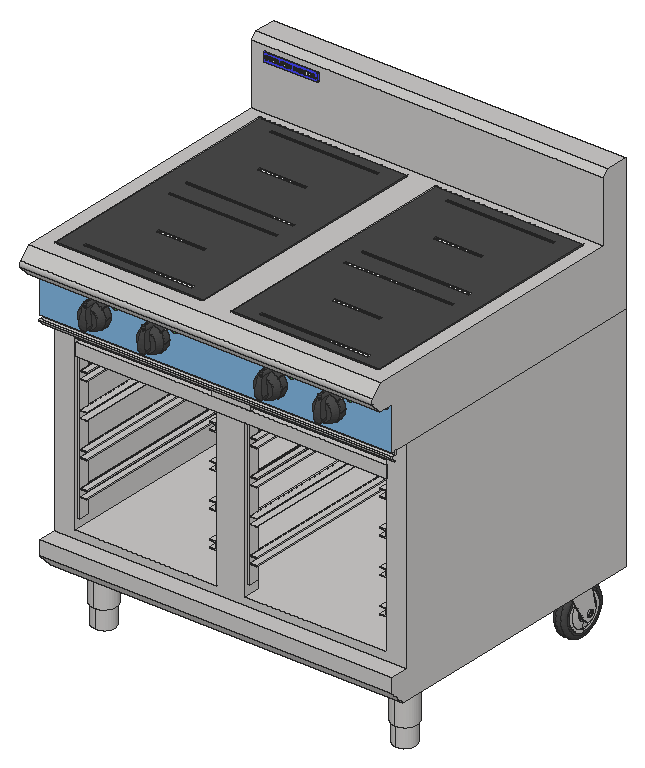
Revit family "QF_Moffat_IN514R3-CB_Induction_Cooktop_cat", category Specialty Equipment, Revit 2019
Family settings
  Round Connector Dimension = Use Diameter
  Part Type = Normal
  Work Plane-Based = No
  Always vertical = Yes
  Cut with Voids When Loaded = No
  Shared = No
  Room Calculation Point = No
Parameters (values of type "IN514R3-CB_415/60/3")
  Weight in Kilograms = 105
  Watts = 8300 W
  Volts = 415 V
  URL Cutsheet = ""
  Specification by User = ""
  Specification by Manufacturer = ""
  Show Logo [instance] = yes
  Show Legs [instance] = not(Show Castors)  # no
  Show Castors [instance] = yes
  Serial Number = ""
  Seismic Rating = ""
  SMACNA No = ""
  Revision Code = ""
  Phase = 3
  Number of Poles = 1
  NAFEM Spec ID Number = ""
  Model = "IN514R3-CB"
  Min Ckt Ampacity = 0 A
  Max Overcurrent Protection = 0 A
  Masterspec = ""
  Manufacturer = "Moffat"
  Length = 900 mm
  Item Number = ""
  Installed By = ""
  Identify Quantity as Lot = yes
  Height = 1085 mm
  HP = ""
  Furnished By = ""
  Foodservice Equipment Identifier = yes
  FL Amps = 20 A
  Electrical Remarks = ""
  Electric Connection Type = ""
  Elec Conn RI Height = 0 mm
  Elec Conn Connection Height = 0 mm
  Description = "Induction Cooktop"
  Depth = 812.2 mm
  Cycle = 60 Hz
  Conn Plug = ""
  Conn Conduit = yes
  CSI MasterFormat = ""
  Apparent Power = if(Phase = 3, Volts * FL Amps * 1.73, Volts * FL Amps)  # 14359 VA
Reference planes
  plane 1 "BACK": y = 0
  plane 2: z = 0
  plane 3 "LEFT": x = 0
  plane 4 "RIGHT": x = 900
  plane 5 "FRONT": y = -812.2
  plane 6 "TOP": z = 1085
  plane 7 "Center Y": x = 450
  plane 8 "Center X": y = -406.1
  plane 9: x = 65.5
  plane 10: x = 834.5
  plane 11: y = -30
  plane 12: x = 770
  plane 13: z = 635
  plane 14: y = -100
  plane 15: y = -625
  plane 16: z = 150
Forms (mm)
  Extrusion 1, solid, material "QF_Metal_Stainless_Polished"
    sketch origin (0, 0, 560) x (0, 1, 0) y (0, 0, 1)
      loop
        line (0, 180) -> (0, 525) -> (-57, 525) -> (-70, 512) -> (-70, 354.5) -> (-784.171, 354.5) -> (-808.685, 329.985)
        arc (-808.685, 329.985) -> (-812.2, 321.5) -> (-808.685, 313.015) r 12
        line (-808.685, 313.015) -> (-785.171, 289.5) -> (-749, 289.5) -> (-749, 180) -> (0, 180)
    from 0 to 900
  Extrusion 2, void
    sketch origin (0, -784.171, 914.5) x (0, 1, 0) y (-1, 0, 0)
      loop
        arc (44.671, -33.5) -> (40.428, -35.257) -> (38.671, -39.5) r 6
        line (38.671, -39.5) -> (38.671, -410.5)
        arc (38.671, -410.5) -> (40.428, -414.743) -> (44.671, -416.5) r 6
        line (44.671, -416.5) -> (690.671, -416.5)
        arc (690.671, -416.5) -> (694.913, -414.743) -> (696.671, -410.5) r 6
        line (696.671, -410.5) -> (696.671, -39.5)
        arc (696.671, -39.5) -> (694.913, -35.257) -> (690.671, -33.5) r 6
        line (690.671, -33.5) -> (44.671, -33.5)
      loop
        arc (44.671, -483.5) -> (40.428, -485.257) -> (38.671, -489.5) r 6
        line (38.671, -489.5) -> (38.671, -860.5)
        arc (38.671, -860.5) -> (40.428, -864.743) -> (44.671, -866.5) r 6
        line (44.671, -866.5) -> (690.671, -866.5)
        arc (690.671, -866.5) -> (694.913, -864.743) -> (696.671, -860.5) r 6
        line (696.671, -860.5) -> (696.671, -489.5)
        arc (696.671, -489.5) -> (694.913, -485.257) -> (690.671, -483.5) r 6
        line (690.671, -483.5) -> (44.671, -483.5)
    from 0 to -9.5
  Extrusion 3, solid, material "QF_Plastic_White_Smooth"
    sketch origin (0, -784.171, 905) x (0, 1, 0) y (-1, 0, 0)
      loop
        line (660.921, -362.5) -> (666.921, -362.5) -> (666.921, -87.5) -> (660.921, -87.5) -> (660.921, -362.5)
      loop
        line (526.421, -285) -> (532.421, -285) -> (532.421, -165) -> (526.421, -165) -> (526.421, -285)
      loop
        line (397.921, -87.5) -> (391.921, -87.5) -> (391.921, -362.5) -> (397.921, -362.5) -> (397.921, -87.5)
      loop
        line (337.421, -362.5) -> (343.421, -362.5) -> (343.421, -87.5) -> (337.421, -87.5) -> (337.421, -362.5)
      loop
        line (208.921, -165) -> (202.921, -165) -> (202.921, -285) -> (208.921, -285) -> (208.921, -165)
      loop
        line (68.421, -362.5) -> (74.421, -362.5) -> (74.421, -87.5) -> (68.421, -87.5) -> (68.421, -362.5)
      loop
        line (68.421, -812.5) -> (74.421, -812.5) -> (74.421, -537.5) -> (68.421, -537.5) -> (68.421, -812.5)
      loop
        line (202.921, -735) -> (208.921, -735) -> (208.921, -615) -> (202.921, -615) -> (202.921, -735)
      loop
        line (337.421, -812.5) -> (343.421, -812.5) -> (343.421, -537.5) -> (337.421, -537.5) -> (337.421, -812.5)
      loop
        line (391.921, -812.5) -> (397.921, -812.5) -> (397.921, -537.5) -> (391.921, -537.5) -> (391.921, -812.5)
      loop
        line (526.421, -735) -> (532.421, -735) -> (532.421, -615) -> (526.421, -615) -> (526.421, -735)
      loop
        line (660.921, -812.5) -> (666.921, -812.5) -> (666.921, -537.5) -> (660.921, -537.5) -> (660.921, -812.5)
    from 0 to 9.5
  Extrusion 4, solid, material "QF_Plastic_Black_Smooth"
    sketch origin (0, -784.171, 914.5) x (0, 1, 0) y (-1, 0, 0)
      loop
        line (692.671, -410.5) -> (692.671, -39.5)
        arc (692.671, -39.5) -> (692.085, -38.086) -> (690.671, -37.5) r 2
        line (690.671, -37.5) -> (44.671, -37.5)
        arc (44.671, -37.5) -> (43.256, -38.086) -> (42.671, -39.5) r 2
        line (42.671, -39.5) -> (42.671, -410.5)
        arc (42.671, -410.5) -> (43.256, -411.914) -> (44.671, -412.5) r 2
        line (44.671, -412.5) -> (690.671, -412.5)
        arc (690.671, -412.5) -> (692.085, -411.914) -> (692.671, -410.5) r 2
      loop
        line (692.671, -860.5) -> (692.671, -489.5)
        arc (692.671, -489.5) -> (692.085, -488.086) -> (690.671, -487.5) r 2
        line (690.671, -487.5) -> (44.671, -487.5)
        arc (44.671, -487.5) -> (43.256, -488.086) -> (42.671, -489.5) r 2
        line (42.671, -489.5) -> (42.671, -860.5)
        arc (42.671, -860.5) -> (43.256, -861.914) -> (44.671, -862.5) r 2
        line (44.671, -862.5) -> (690.671, -862.5)
        arc (690.671, -862.5) -> (692.085, -861.914) -> (692.671, -860.5) r 2
      loop
        line (660.921, -87.5) -> (660.921, -362.5) -> (666.921, -362.5) -> (666.921, -87.5) -> (660.921, -87.5)
      loop
        line (526.421, -165) -> (526.421, -285) -> (532.421, -285) -> (532.421, -165) -> (526.421, -165)
      loop
        line (391.921, -87.5) -> (391.921, -362.5) -> (397.921, -362.5) -> (397.921, -87.5) -> (391.921, -87.5)
      loop
        line (337.421, -362.5) -> (343.421, -362.5) -> (343.421, -87.5) -> (337.421, -87.5) -> (337.421, -362.5)
      loop
        line (202.921, -285) -> (208.921, -285) -> (208.921, -165) -> (202.921, -165) -> (202.921, -285)
      loop
        line (74.421, -87.5) -> (68.421, -87.5) -> (68.421, -362.5) -> (74.421, -362.5) -> (74.421, -87.5)
      loop
        line (660.921, -812.5) -> (666.921, -812.5) -> (666.921, -537.5) -> (660.921, -537.5) -> (660.921, -812.5)
      loop
        line (526.421, -735) -> (532.421, -735) -> (532.421, -615) -> (526.421, -615) -> (526.421, -735)
      loop
        line (391.921, -812.5) -> (397.921, -812.5) -> (397.921, -537.5) -> (391.921, -537.5) -> (391.921, -812.5)
      loop
        line (337.421, -537.5) -> (337.421, -812.5) -> (343.421, -812.5) -> (343.421, -537.5) -> (337.421, -537.5)
      loop
        line (202.921, -615) -> (202.921, -735) -> (208.921, -735) -> (208.921, -615) -> (202.921, -615)
      loop
        line (74.421, -812.5) -> (74.421, -537.5) -> (68.421, -537.5) -> (68.421, -812.5) -> (74.421, -812.5)
    from 0 to -9.5
  Extrusion 5, solid, material "QF_Metal_Stainless_Polished"
    sketch origin (0, 0, 600) x (0, 1, 0) y (0, 0, 1)
      loop
        line (-737.8, 140) -> (-737.8, 130) -> (-747.305, 130)
        arc (-747.305, 130) -> (-750.276, 128.015) -> (-749.579, 124.511) r 3.215
        line (-749.579, 124.511) -> (-739.05, 113.982) -> (-737.919, 115.113) -> (-748.447, 125.642)
        arc (-748.447, 125.642) -> (-748.797, 127.403) -> (-747.305, 128.4) r 1.615
        line (-747.305, 128.4) -> (-736.2, 128.4) -> (-736.2, 140) -> (-737.8, 140)
    from 0 to 900
  Extrusion 6, solid, material "QF_Plastic_Black_Smooth"
    sketch origin (0, -749, 741.875) x (0, 0, 1) y (-1, 0, 0)
      loop
        circle (99.343, -13.157) r 5
      loop
        circle (99.343, -886.843) r 5
      loop
        circle (99.343, -150) r 5
      loop
        circle (99.343, -300) r 5
      loop
        circle (99.343, -600) r 5
      loop
        circle (99.343, -750) r 5
    from 0 to 1.6
  Extrusion 7, solid, material "QF_Metal_Stainless_Polished"
    sketch origin (0, -699, 640) x (0, 1, 0) y (1, 0, 0)
      loop
        circle (669, 770) r 6.35
    from 0 to 1.6
  Extrusion 8, solid, material "QF_Metal_Stainless_Polished"
    sketch origin (0, -699, 645) x (1, 0, 0) y (0, -1, 0)
      loop
        line (0, -699) -> (900, -699) -> (900, 0) -> (849.2, 0) -> (849.2, -25.4) -> (50.8, -25.4) -> (50.8, 0) -> (0, 0) -> (0, -699)
    from 5 to -95
  Revolve 9, solid, material "QF_Metal_Stainless_Polished"
    sketch origin (65.5, -4572, 255.2) x (0, 0, -1) y (0, -1, 0)
      loop
        line (255.2, -3974.5) -> (255.2, -3947) -> (105.2, -3947) -> (105.2, -3978.75) -> (205.2, -3978.75) -> (205.2, -3974.5) -> (255.2, -3974.5)
      axis (105.2, -3947) -> (255.2, -3947)
    angle from 0 to 360
  Revolve 10, solid, material "QF_Metal_Stainless_Polished"
    sketch origin (834.5, -4572, 255.2) x (0, 0, -1) y (0, 1, 0)
      loop
        line (255.2, 3974.5) -> (205.2, 3974.5) -> (205.2, 3978.75) -> (105.2, 3978.75) -> (105.2, 3947) -> (255.2, 3947) -> (255.2, 3974.5)
      axis (105.2, 3947) -> (255.2, 3947)
    angle from 0 to 360
  Extrusion 11, solid, material "QF_Metal_Stainless_Polished"
    sketch origin (0, 0, 0) x (0, 1, 0) y (0, 0, 1)
      loop
        line (-50.8, 150) -> (-50.8, 242.5) -> (-699, 242.5) -> (-699, 222.5) -> (-747.95, 222.5) -> (-747.95, 186) -> (-711.95, 150) -> (-50.8, 150)
    from 0 to 900
  Extrusion 12, solid, material "QF_Metal_Stainless_Polished"
    sketch origin (-6096, 120, 150) x (0, 1, 0) y (-1, 0, 0)
      loop
        line (-120, -6096) -> (-819, -6096) -> (-819, -6146.8) -> (-170.8, -6146.8) -> (-170.8, -6510.5) -> (-196.2, -6510.5) -> (-196.2, -6581.5) -> (-170.8, -6581.5) -> (-170.8, -6945.2) -> (-819, -6945.2) -> (-819, -6996) -> (-120, -6996) -> (-120, -6096)
      loop
        line (-778.9, -6510.5) -> (-819, -6510.5) -> (-819, -6581.5) -> (-778.9, -6581.5) -> (-778.9, -6510.5)
    from 0 to 490
  Extrusion 13, solid, material "QF_Metal_Stainless_Polished"
    sketch origin (50.8, -50.8, 460) x (0, 0, 1) y (1, 0, 0)
      loop
        line (127.5, 25.4) -> (127.5, 6.4) -> (147.5, 6.4) -> (147.5, 25.4) -> (145.9, 25.4) -> (145.9, 8) -> (129.1, 8) -> (129.1, 25.4) -> (127.5, 25.4)
      loop
        line (37.5, 25.4) -> (37.5, 6.4) -> (57.5, 6.4) -> (57.5, 25.4) -> (55.9, 25.4) -> (55.9, 8) -> (39.1, 8) -> (39.1, 25.4) -> (37.5, 25.4)
      loop
        line (-52.5, 25.4) -> (-52.5, 6.4) -> (-32.5, 6.4) -> (-32.5, 25.4) -> (-34.1, 25.4) -> (-34.1, 8) -> (-50.9, 8) -> (-50.9, 25.4) -> (-52.5, 25.4)
      loop
        line (-142.5, 25.4) -> (-142.5, 6.4) -> (-122.5, 6.4) -> (-122.5, 25.4) -> (-124.1, 25.4) -> (-124.1, 8) -> (-140.9, 8) -> (-140.9, 25.4) -> (-142.5, 25.4)
    from 0 to -641.85
  Extrusion 14, solid, material "QF_Metal_Stainless_Polished"
    sketch origin (50.8, 44.437, 150) x (0, 1, 0) y (0, 0, 1)
      loop
        line (-95.237, 488.4) -> (-120.637, 488.4) -> (-120.637, 117.5) -> (-95.237, 117.5) -> (-95.237, 488.4)
      loop
        line (-709.687, 117.5) -> (-709.687, 490) -> (-737.087, 490) -> (-737.087, 117.5) -> (-709.687, 117.5)
    from 0 to 6.4
  Extrusion 15, solid, material "QF_Metal_Stainless_Polished"
    sketch origin (66.1, -50.8, 460) x (0, 0, 1) y (1, 0, 0)
      loop
        line (127.5, 323) -> (129.1, 323) -> (129.1, 340.4) -> (145.9, 340.4) -> (145.9, 323) -> (147.5, 323) -> (147.5, 342) -> (127.5, 342) -> (127.5, 323)
      loop
        line (37.5, 323) -> (39.1, 323) -> (39.1, 340.4) -> (55.9, 340.4) -> (55.9, 323) -> (57.5, 323) -> (57.5, 342) -> (37.5, 342) -> (37.5, 323)
      loop
        line (-52.5, 323) -> (-50.9, 323) -> (-50.9, 340.4) -> (-34.1, 340.4) -> (-34.1, 323) -> (-32.5, 323) -> (-32.5, 342) -> (-52.5, 342) -> (-52.5, 323)
      loop
        line (-142.5, 323) -> (-140.9, 323) -> (-140.9, 340.4) -> (-124.1, 340.4) -> (-124.1, 323) -> (-122.5, 323) -> (-122.5, 342) -> (-142.5, 342) -> (-142.5, 323)
    from 0 to -641.85
  Extrusion 16, solid, material "QF_Metal_Stainless_Polished"
    sketch origin (414.5, 44.437, 150) x (0, 1, 0) y (0, 0, -1)
      loop
        line (-95.237, -488.4) -> (-95.237, -117.5) -> (-120.637, -117.5) -> (-120.637, -488.4) -> (-95.237, -488.4)
      loop
        line (-709.687, -117.5) -> (-737.087, -117.5) -> (-737.087, -490) -> (-709.687, -490) -> (-709.687, -117.5)
    from 0 to 6.4
  Revolve 17, solid, material "QF_Metal_Stainless_Polished", visible <- "Show Legs"
    sketch origin (65.5, -4047, 255.2) x (0, 0, -1) y (0, -1, 0)
      loop
        line (255.2, -3974.5) -> (255.2, -3947) -> (105.2, -3947) -> (105.2, -3978.75) -> (205.2, -3978.75) -> (205.2, -3974.5) -> (255.2, -3974.5)
      axis (105.2, -3947) -> (255.2, -3947)
    angle from 0 to 360
  Revolve 18, solid, material "QF_Metal_Stainless_Polished", visible <- "Show Legs"
    sketch origin (834.5, -4047, 255.2) x (0, 0, -1) y (0, 1, 0)
      loop
        line (255.2, 3974.5) -> (205.2, 3974.5) -> (205.2, 3978.75) -> (105.2, 3978.75) -> (105.2, 3947) -> (255.2, 3947) -> (255.2, 3974.5)
      axis (105.2, 3947) -> (255.2, 3947)
    angle from 0 to 360
  Extrusion 19, solid, material "QF_Paint_Green"
    sketch origin (-87.5, -749, 742.2) x (0, 0, 1) y (-1, 0, 0)
      loop
        circle (84.8, -282.5) r 7.15
    from 0 to 1.6
  Extrusion 20, solid, material "QF_Metal_Stainless_Polished"
    sketch origin (849.2, -673.6, 645) x (-1, 0, 0) y (0, 0, -1)
      loop
        line (0, -27.7) -> (798.4, -27.7) -> (798.4, 5) -> (0, 5) -> (0, -27.7)
      loop
        line (450, -61.4) -> (798.4, -61.4) -> (798.4, -37.7) -> (450, -37.7) -> (450, -61.4)
      loop
        line (798.4, -62.4) -> (0, -62.4) -> (0, -95) -> (798.4, -95) -> (798.4, -62.4)
      loop
        line (348.4, -61.4) -> (348.4, -37.7) -> (0, -37.7) -> (0, -61.4) -> (348.4, -61.4)
    from 0 to 25.4
  Extrusion 21, solid, material "QF_Metal_Stainless_Polished"
    sketch origin (849.2, -673.6, 645) x (1, 0, 0) y (0, 0, -1)
      loop
        line (-348.4, -62.4) -> (-348.4, -27.7) -> (-450, -27.7) -> (-450, -62.4) -> (-348.4, -62.4)
    from 0 to -25.4
  Extrusion 22, solid, material "QF_Metal_Stainless_Polished"
    sketch origin (833.9, -50.8, 460) x (0, 0, 1) y (1, 0, 0)
      loop
        line (127.5, -323) -> (127.5, -342) -> (147.5, -342) -> (147.5, -323) -> (145.9, -323) -> (145.9, -340.4) -> (129.1, -340.4) -> (129.1, -323) -> (127.5, -323)
      loop
        line (37.5, -323) -> (37.5, -342) -> (57.5, -342) -> (57.5, -323) -> (55.9, -323) -> (55.9, -340.4) -> (39.1, -340.4) -> (39.1, -323) -> (37.5, -323)
      loop
        line (-52.5, -323) -> (-52.5, -342) -> (-32.5, -342) -> (-32.5, -323) -> (-34.1, -323) -> (-34.1, -340.4) -> (-50.9, -340.4) -> (-50.9, -323) -> (-52.5, -323)
      loop
        line (-142.5, -323) -> (-142.5, -342) -> (-122.5, -342) -> (-122.5, -323) -> (-124.1, -323) -> (-124.1, -340.4) -> (-140.9, -340.4) -> (-140.9, -323) -> (-142.5, -323)
    from 0 to -641.85
  Extrusion 23, solid, material "QF_Metal_Stainless_Polished"
    sketch origin (485.5, 44.437, 150) x (0, 1, 0) y (0, 0, 1)
      loop
        line (-95.237, 488.4) -> (-120.637, 488.4) -> (-120.637, 117.5) -> (-95.237, 117.5) -> (-95.237, 488.4)
      loop
        line (-709.687, 117.5) -> (-709.687, 490) -> (-737.087, 490) -> (-737.087, 117.5) -> (-709.687, 117.5)
    from 0 to 6.4
  Extrusion 24, solid, material "QF_Metal_Stainless_Polished"
    sketch origin (849.2, -50.8, 460) x (0, 0, 1) y (1, 0, 0)
      loop
        line (127.5, -25.4) -> (129.1, -25.4) -> (129.1, -8) -> (145.9, -8) -> (145.9, -25.4) -> (147.5, -25.4) -> (147.5, -6.4) -> (127.5, -6.4) -> (127.5, -25.4)
      loop
        line (37.5, -25.4) -> (39.1, -25.4) -> (39.1, -8) -> (55.9, -8) -> (55.9, -25.4) -> (57.5, -25.4) -> (57.5, -6.4) -> (37.5, -6.4) -> (37.5, -25.4)
      loop
        line (-52.5, -25.4) -> (-50.9, -25.4) -> (-50.9, -8) -> (-34.1, -8) -> (-34.1, -25.4) -> (-32.5, -25.4) -> (-32.5, -6.4) -> (-52.5, -6.4) -> (-52.5, -25.4)
      loop
        line (-142.5, -25.4) -> (-140.9, -25.4) -> (-140.9, -8) -> (-124.1, -8) -> (-124.1, -25.4) -> (-122.5, -25.4) -> (-122.5, -6.4) -> (-142.5, -6.4) -> (-142.5, -25.4)
    from 0 to -641.85
  Extrusion 25, solid, material "QF_Metal_Stainless_Polished"
    sketch origin (849.2, 44.437, 150) x (0, 1, 0) y (0, 0, -1)
      loop
        line (-95.237, -488.4) -> (-95.237, -117.5) -> (-120.637, -117.5) -> (-120.637, -488.4) -> (-95.237, -488.4)
      loop
        line (-709.687, -117.5) -> (-737.087, -117.5) -> (-737.087, -490) -> (-709.687, -490) -> (-709.687, -117.5)
    from 0 to 6.4
  Extrusion 26, solid, material "QF_Paint_Green"
    sketch origin (62.5, -749, 742.2) x (0, 0, 1) y (-1, 0, 0)
      loop
        circle (84.8, -282.5) r 7.15
    from 0 to 1.6
  Extrusion 27, solid, material "QF_Paint_Green"
    sketch origin (362.5, -749, 742.2) x (0, 0, 1) y (-1, 0, 0)
      loop
        circle (84.8, -282.5) r 7.15
    from 0 to 1.6
  Extrusion 28, solid, material "QF_Paint_Green"
    sketch origin (512.5, -749, 742.2) x (0, 0, 1) y (-1, 0, 0)
      loop
        circle (84.8, -282.5) r 7.15
    from 0 to 1.6
Cuts and joins
  Extrusion 2 cuts Extrusion 1
  joined: Revolve 9, Revolve 10
  joined: Extrusion 8, Extrusion 11, Extrusion 12
Lines and regions (mm)
  symbolic lines
    curve 1: line (0, 0, 0) -> (900, 0, 0)
    curve 2: line (0, -812.2, 0) -> (0, 0, 0)
    curve 3: line (900, -812.2, 0) -> (0, -812.2, 0)
    curve 4: line (900, 0, 0) -> (900, -812.2, 0)
    curve 5: line (0, -57, 0) -> (900, -57, 0)
    curve 6: line (0, -70, 0) -> (900, -70, 0)
    curve 7: line (0, -784.171, 0) -> (900, -784.171, 0)
    curve 8: line (39.5, -87.5, 0) -> (410.5, -87.5, 0)
    curve 9: arc (410.5, -87.5, 0) -> (414.743, -89.257, 0) -> (416.5, -93.5, 0) r 6
    curve 10: line (416.5, -93.5, 0) -> (416.5, -739.5, 0)
    curve 11: arc (416.5, -739.5, 0) -> (414.743, -743.743, 0) -> (410.5, -745.5, 0) r 6
    curve 12: line (410.5, -745.5, 0) -> (39.5, -745.5, 0)
    curve 13: arc (39.5, -745.5, 0) -> (35.257, -743.743, 0) -> (33.5, -739.5, 0) r 6
    curve 14: line (33.5, -739.5, 0) -> (33.5, -93.5, 0)
    curve 15: arc (33.5, -93.5, 0) -> (35.257, -89.257, 0) -> (39.5, -87.5, 0) r 6
    curve 16: line (410.5, -91.5, 0) -> (39.5, -91.5, 0)
    curve 17: arc (39.5, -91.5, 0) -> (38.086, -92.086, 0) -> (37.5, -93.5, 0) r 2
    curve 18: line (37.5, -93.5, 0) -> (37.5, -739.5, 0)
    curve 19: arc (37.5, -739.5, 0) -> (38.086, -740.914, 0) -> (39.5, -741.5, 0) r 2
    curve 20: line (39.5, -741.5, 0) -> (410.5, -741.5, 0)
    curve 21: arc (410.5, -741.5, 0) -> (411.914, -740.914, 0) -> (412.5, -739.5, 0) r 2
    curve 22: line (412.5, -739.5, 0) -> (412.5, -93.5, 0)
    curve 23: arc (412.5, -93.5, 0) -> (411.914, -92.086, 0) -> (410.5, -91.5, 0) r 2
    curve 24: line (87.5, -117.25, 0) -> (362.5, -117.25, 0)
    curve 25: line (362.5, -117.25, 0) -> (362.5, -123.25, 0)
    curve 26: line (362.5, -123.25, 0) -> (87.5, -123.25, 0)
    curve 27: line (87.5, -123.25, 0) -> (87.5, -117.25, 0)
    curve 28: line (285, -257.75, 0) -> (165, -257.75, 0)
    curve 29: line (165, -257.75, 0) -> (165, -251.75, 0)
    curve 30: line (165, -251.75, 0) -> (285, -251.75, 0)
    curve 31: line (285, -251.75, 0) -> (285, -257.75, 0)
    curve 32: line (362.5, -392.25, 0) -> (87.5, -392.25, 0)
    curve 33: line (87.5, -392.25, 0) -> (87.5, -386.25, 0)
    curve 34: line (87.5, -386.25, 0) -> (362.5, -386.25, 0)
    curve 35: line (362.5, -386.25, 0) -> (362.5, -392.25, 0)
    curve 36: line (362.5, -446.75, 0) -> (87.5, -446.75, 0)
    curve 37: line (87.5, -446.75, 0) -> (87.5, -440.75, 0)
    curve 38: line (87.5, -440.75, 0) -> (362.5, -440.75, 0)
    curve 39: line (362.5, -440.75, 0) -> (362.5, -446.75, 0)
    curve 40: line (285, -581.25, 0) -> (165, -581.25, 0)
    curve 41: line (165, -581.25, 0) -> (165, -575.25, 0)
    curve 42: line (165, -575.25, 0) -> (285, -575.25, 0)
    curve 43: line (285, -575.25, 0) -> (285, -581.25, 0)
    curve 44: line (362.5, -715.75, 0) -> (87.5, -715.75, 0)
    curve 45: line (87.5, -715.75, 0) -> (87.5, -709.75, 0)
    curve 46: line (87.5, -709.75, 0) -> (362.5, -709.75, 0)
    curve 47: line (362.5, -709.75, 0) -> (362.5, -715.75, 0)
    curve 48: line (860.5, -745.5, 0) -> (489.5, -745.5, 0)
    curve 49: arc (489.5, -745.5, 0) -> (485.257, -743.743, 0) -> (483.5, -739.5, 0) r 6
    curve 50: line (483.5, -739.5, 0) -> (483.5, -93.5, 0)
    curve 51: arc (483.5, -93.5, 0) -> (485.257, -89.257, 0) -> (489.5, -87.5, 0) r 6
    curve 52: line (489.5, -87.5, 0) -> (860.5, -87.5, 0)
    curve 53: arc (860.5, -87.5, 0) -> (864.743, -89.257, 0) -> (866.5, -93.5, 0) r 6
    curve 54: line (866.5, -93.5, 0) -> (866.5, -739.5, 0)
    curve 55: arc (866.5, -739.5, 0) -> (864.743, -743.743, 0) -> (860.5, -745.5, 0) r 6
    curve 56: line (489.5, -741.5, 0) -> (860.5, -741.5, 0)
    curve 57: arc (860.5, -741.5, 0) -> (861.914, -740.914, 0) -> (862.5, -739.5, 0) r 2
    curve 58: line (862.5, -739.5, 0) -> (862.5, -93.5, 0)
    curve 59: arc (862.5, -93.5, 0) -> (861.914, -92.086, 0) -> (860.5, -91.5, 0) r 2
    curve 60: line (860.5, -91.5, 0) -> (489.5, -91.5, 0)
    curve 61: arc (489.5, -91.5, 0) -> (488.086, -92.086, 0) -> (487.5, -93.5, 0) r 2
    curve 62: line (487.5, -93.5, 0) -> (487.5, -739.5, 0)
    curve 63: arc (487.5, -739.5, 0) -> (488.086, -740.914, 0) -> (489.5, -741.5, 0) r 2
    curve 64: line (812.5, -715.75, 0) -> (537.5, -715.75, 0)
    curve 65: line (537.5, -715.75, 0) -> (537.5, -709.75, 0)
    curve 66: line (537.5, -709.75, 0) -> (812.5, -709.75, 0)
    curve 67: line (812.5, -709.75, 0) -> (812.5, -715.75, 0)
    curve 68: line (735, -581.25, 0) -> (615, -581.25, 0)
    curve 69: line (615, -581.25, 0) -> (615, -575.25, 0)
    curve 70: line (615, -575.25, 0) -> (735, -575.25, 0)
    curve 71: line (735, -575.25, 0) -> (735, -581.25, 0)
    curve 72: line (812.5, -446.75, 0) -> (537.5, -446.75, 0)
    curve 73: line (537.5, -446.75, 0) -> (537.5, -440.75, 0)
    curve 74: line (537.5, -440.75, 0) -> (812.5, -440.75, 0)
    curve 75: line (812.5, -440.75, 0) -> (812.5, -446.75, 0)
    curve 76: line (812.5, -392.25, 0) -> (537.5, -392.25, 0)
    curve 77: line (537.5, -392.25, 0) -> (537.5, -386.25, 0)
    curve 78: line (537.5, -386.25, 0) -> (812.5, -386.25, 0)
    curve 79: line (812.5, -386.25, 0) -> (812.5, -392.25, 0)
    curve 80: line (735, -257.75, 0) -> (615, -257.75, 0)
    curve 81: line (615, -257.75, 0) -> (615, -251.75, 0)
    curve 82: line (615, -251.75, 0) -> (735, -251.75, 0)
    curve 83: line (735, -251.75, 0) -> (735, -257.75, 0)
    curve 84: line (812.5, -123.25, 0) -> (537.5, -123.25, 0)
    curve 85: line (537.5, -123.25, 0) -> (537.5, -117.25, 0)
    curve 86: line (537.5, -117.25, 0) -> (812.5, -117.25, 0)
    curve 87: line (812.5, -117.25, 0) -> (812.5, -123.25, 0)
Dimensions and locks
  equal spacing: plane 3 "LEFT", plane 7 "Center Y", plane 4 "RIGHT"
  "Length": plane 3 "LEFT" to plane 4 "RIGHT"
  equal spacing: plane 5 "FRONT", plane 8 "Center X", plane 1 "BACK"
  "Depth": plane 5 "FRONT" to plane 1 "BACK"
  "Height": plane 6 "TOP" to level
  plane 9 to plane 10 = 769 mm
  plane 4 "RIGHT" to plane 3 "LEFT" = 900 mm
  plane 1 "BACK" to cut or joined group of Extrusion 1, Extrusion 2 = 70 mm
  plane 1 "BACK" to plane 5 "FRONT" = 812.2 mm
  plane 6 "TOP" to plane 2 = 1085 mm
  cut or joined group of Extrusion 1, Extrusion 2 to plane 2 = 914.5 mm
  locked: plane 12 to plane 4 "RIGHT" at 130
  plane 1 "BACK" to plane 11 = 30 mm
  plane 1 "BACK" to plane 14 to plane 15 = 100 mm, 525 mm
  plane 2 to plane 13 = 635 mm
  plane 16 to plane 2 = 150 mm
  aligned and locked: level to plane 2
Automatic sketch dimensions
  Extrusion 1 sketch curve to plane 6 "TOP" = 0 mm
  Extrusion 1 sketch curve to plane 1 "BACK" = 0 mm
  plane 11 to Extrusion 1 sketch curve = 27 mm
  Extrusion 1 sketch curve to plane 6 "TOP" = 13 mm
  Extrusion 1 sketch curve to Extrusion 1 sketch curve = 13 mm
  Extrusion 1 sketch curve to plane 5 "FRONT" = 63.2 mm
  Extrusion 1 sketch curve to plane 5 "FRONT" = 28.029 mm
  Extrusion 1 sketch curve to plane 5 "FRONT" = 27.029 mm
  Extrusion 1 sketch curve to plane 5 "FRONT" = 12 mm
  Extrusion 1 sketch curve to plane 5 "FRONT" = 3.515 mm  (x2)
  Extrusion 1 sketch curve to plane 6 "TOP" = 170.5 mm
  Extrusion 1 sketch curve to Extrusion 1 sketch curve = 24.515 mm
  Extrusion 1 sketch curve to Extrusion 1 sketch curve = 8.485 mm
  Extrusion 1 sketch curve to Extrusion 1 sketch curve = 32 mm
  Extrusion 1 sketch curve to plane 13 = 105 mm
  Extrusion 5 sketch curve to Extrusion 5 sketch curve = 0 mm  (x2)
  Extrusion 5 sketch curve to plane 5 "FRONT" = 62.621 mm
  Extrusion 5 sketch curve to Extrusion 5 sketch curve = 1.131 mm  (x3)
  Extrusion 5 sketch curve to Extrusion 5 sketch curve = 1.142 mm  (x2)
  Extrusion 5 sketch curve to Extrusion 5 sketch curve = 10.529 mm
  Extrusion 5 sketch curve to Extrusion 5 sketch curve = 9.505 mm
  Extrusion 5 sketch curve to Extrusion 5 sketch curve = 1.6 mm
  Extrusion 5 sketch curve to plane 13 = 78.982 mm
  Extrusion 5 sketch curve to Extrusion 5 sketch curve = 10 mm
  Extrusion 8 to Extrusion 7 sketch curve = 30 mm
  Extrusion 7 sketch curve to Extrusion 8 = 79.2 mm
  plane 1 "BACK" to Extrusion 8 sketch curve = 0 mm
  Extrusion 8 sketch curve to plane 3 "LEFT" = 0 mm
  Extrusion 8 sketch curve to plane 4 "RIGHT" = 0 mm
  plane 9 to Extrusion 8 sketch curve = 14.7 mm
  Extrusion 8 sketch curve to plane 10 = 14.7 mm
  plane 15 to Extrusion 8 sketch curve = 48.6 mm
  Extrusion 8 sketch curve to Extrusion 8 sketch curve = 25.4 mm  (x2)
  Revolve 9 sketch curve to plane 15 = 0 mm  (x2)
  Revolve 9 sketch curve to plane 16 = 0 mm
  Revolve 9 sketch curve to level = 0 mm  (x2)
  level to Revolve 9 sketch curve = 50 mm
  Revolve 9 sketch curve to Revolve 9 sketch curve = 27.5 mm
  Revolve 9 sketch curve to Revolve 9 sketch curve = 31.75 mm
  Revolve 9 sketch curve to Revolve 9 sketch curve = 25 mm
  Revolve 10 sketch curve to plane 15 = 0 mm  (x2)
  Revolve 10 sketch curve to plane 16 = 0 mm
  Revolve 10 sketch curve to level = 0 mm  (x2)
  level to Revolve 10 sketch curve = 50 mm
  Revolve 10 sketch curve to plane 15 = 27.5 mm
  Revolve 10 sketch curve to Revolve 10 sketch curve = 4.25 mm
  Revolve 10 sketch curve to Revolve 10 sketch curve = 25 mm
  Extrusion 11 sketch curve to plane 16 = 0 mm
  Extrusion 11 sketch curve to plane 5 "FRONT" = 64.25 mm
  Extrusion 11 sketch curve to Extrusion 11 sketch curve = 36 mm
  Extrusion 11 sketch curve to Extrusion 11 sketch curve = 48.95 mm
  plane 11 to Extrusion 11 sketch curve = 20.8 mm
  plane 16 to Extrusion 11 sketch curve = 36 mm
  Extrusion 11 sketch curve to Extrusion 11 sketch curve = 36.5 mm
  plane 16 to Extrusion 11 sketch curve = 92.5 mm
  Extrusion 12 sketch curve to plane 3 "LEFT" = 0 mm
  Extrusion 12 sketch curve to plane 4 "RIGHT" = 0 mm
  plane 1 "BACK" to Extrusion 12 sketch curve = 0 mm
  plane 11 to Extrusion 12 sketch curve = 20.8 mm  (x2)
  Extrusion 12 sketch curve to plane 14 = 23.8 mm
  plane 15 to Extrusion 12 sketch curve = 33.9 mm
  Extrusion 12 sketch curve to Extrusion 12 sketch curve = 40.1 mm
  Extrusion 12 sketch curve to plane 10 = 14.7 mm
  plane 15 to Extrusion 12 sketch curve = 74 mm  (x2)
  plane 9 to Extrusion 12 sketch curve = 14.7 mm
  plane 7 "Center Y" to Extrusion 12 sketch curve = 35.5 mm  (x2)
  Extrusion 12 sketch curve to plane 7 "Center Y" = 35.5 mm  (x2)
  Extrusion 14 to Extrusion 13 sketch curve = 0 mm  (x4)
  Extrusion 13 sketch curve to Extrusion 14 = 19 mm  (x4)
  Extrusion 14 to Extrusion 13 sketch curve = 50 mm
  Extrusion 13 sketch curve to Extrusion 13 sketch curve = 1.6 mm  (x8)
  Extrusion 13 sketch curve to Extrusion 14 = 1.6 mm  (x4)
  Extrusion 13 sketch curve to Extrusion 13 sketch curve = 16.8 mm  (x4)
  Extrusion 13 sketch curve to Extrusion 13 sketch curve = 70 mm  (x2)
  Extrusion 13 sketch curve to Extrusion 14 = 50.9 mm
  Extrusion 13 sketch curve to Extrusion 13 sketch curve = 17.4 mm  (x3)
  Extrusion 13 sketch curve to Extrusion 13 sketch curve = 0 mm
  Extrusion 12 to Extrusion 14 sketch curve = 0 mm
  Extrusion 14 sketch curve to Extrusion 12 = 0 mm
  Extrusion 14 sketch curve to Extrusion 12 = 25.4 mm
  Extrusion 12 to Extrusion 14 sketch curve = 33.75 mm
  Extrusion 12 to Extrusion 14 sketch curve = 6.35 mm
  Extrusion 12 to Extrusion 14 sketch curve = 1.6 mm
  Extrusion 12 to Extrusion 14 sketch curve = 117.5 mm  (x2)
  Extrusion 14 to Extrusion 15 sketch curve = 50 mm
  Extrusion 15 sketch curve to Extrusion 15 sketch curve = 1.6 mm  (x12)
  Extrusion 15 sketch curve to Extrusion 15 sketch curve = 16.8 mm  (x4)
  Extrusion 15 sketch curve to Extrusion 15 sketch curve = 70 mm  (x2)
  Extrusion 15 sketch curve to Extrusion 14 = 50.9 mm
  Extrusion 15 sketch curve to Extrusion 14 = 331.9 mm
  Extrusion 15 sketch curve to Extrusion 15 sketch curve = 0 mm  (x7)
  Extrusion 15 sketch curve to Extrusion 15 sketch curve = 17.4 mm  (x4)
  plane 15 to Extrusion 16 sketch curve = 67.65 mm
  Extrusion 16 sketch curve to plane 13 = 5 mm
  Extrusion 16 sketch curve to Extrusion 16 sketch curve = 27.4 mm
  Extrusion 16 sketch curve to plane 13 = 3.4 mm
  Extrusion 16 sketch curve to plane 14 = 23.8 mm
  plane 11 to Extrusion 16 sketch curve = 20.8 mm
  plane 16 to Extrusion 16 sketch curve = 117.5 mm  (x2)
  Revolve 17 sketch curve to plane 14 = 0 mm  (x2)
  Revolve 17 sketch curve to plane 16 = 0 mm
  Revolve 17 sketch curve to level = 0 mm  (x2)
  level to Revolve 17 sketch curve = 50 mm
  Revolve 17 sketch curve to Revolve 17 sketch curve = 27.5 mm
  Revolve 17 sketch curve to Revolve 17 sketch curve = 31.75 mm
  Revolve 17 sketch curve to Revolve 17 sketch curve = 25 mm
  Revolve 18 sketch curve to plane 14 = 0 mm  (x2)
  Revolve 18 sketch curve to plane 16 = 0 mm
  Revolve 18 sketch curve to level = 0 mm  (x2)
  level to Revolve 18 sketch curve = 50 mm
  Revolve 18 sketch curve to plane 14 = 27.5 mm
  Revolve 18 sketch curve to Revolve 18 sketch curve = 4.25 mm
  Revolve 18 sketch curve to Revolve 18 sketch curve = 25 mm
  Extrusion 1 to Extrusion 19 sketch curve = 22.5 mm
  Extrusion 1 to Extrusion 19 sketch curve = 195 mm
  Extrusion 20 sketch curve to Extrusion 8 = 0 mm  (x8)
  Extrusion 8 to Extrusion 20 sketch curve = 42.7 mm
  Extrusion 20 sketch curve to Extrusion 8 = 348.4 mm
  Extrusion 8 to Extrusion 20 sketch curve = 33.6 mm
  Extrusion 20 sketch curve to Extrusion 20 sketch curve = 101.6 mm
  Extrusion 20 sketch curve to Extrusion 20 sketch curve = 1 mm  (x2)
  Extrusion 20 sketch curve to Extrusion 20 sketch curve = 23.7 mm
  Extrusion 20 sketch curve to Extrusion 20 sketch curve = 10 mm
  Extrusion 20 to Extrusion 21 sketch curve = 0 mm
  Extrusion 21 sketch curve to Extrusion 20 = 0 mm  (x3)
  Extrusion 14 to Extrusion 22 sketch curve = 50 mm
  Extrusion 22 sketch curve to Extrusion 22 sketch curve = 1.6 mm  (x12)
  Extrusion 22 sketch curve to Extrusion 22 sketch curve = 16.8 mm  (x4)
  Extrusion 22 sketch curve to Extrusion 22 sketch curve = 70 mm  (x2)
  Extrusion 22 sketch curve to Extrusion 14 = 50.9 mm
  Extrusion 22 sketch curve to Extrusion 14 = 434.7 mm
  Extrusion 22 sketch curve to Extrusion 22 sketch curve = 0 mm  (x4)
  Extrusion 22 sketch curve to Extrusion 22 sketch curve = 17.4 mm  (x7)
  plane 15 to Extrusion 23 sketch curve = 67.65 mm
  Extrusion 23 sketch curve to plane 13 = 5 mm
  Extrusion 23 sketch curve to Extrusion 23 sketch curve = 27.4 mm
  Extrusion 23 sketch curve to plane 13 = 3.4 mm
  Extrusion 23 sketch curve to plane 14 = 23.8 mm
  plane 11 to Extrusion 23 sketch curve = 20.8 mm
  plane 16 to Extrusion 23 sketch curve = 117.5 mm  (x2)
  Extrusion 24 sketch curve to Extrusion 25 = 0 mm  (x4)
  Extrusion 24 sketch curve to Extrusion 25 = 19 mm  (x4)
  Extrusion 25 to Extrusion 24 sketch curve = 50 mm
  Extrusion 24 sketch curve to Extrusion 24 sketch curve = 1.6 mm  (x8)
  Extrusion 24 sketch curve to Extrusion 25 = 1.6 mm  (x4)
  Extrusion 24 sketch curve to Extrusion 24 sketch curve = 16.8 mm  (x4)
  Extrusion 24 sketch curve to Extrusion 24 sketch curve = 70 mm  (x2)
  Extrusion 24 sketch curve to Extrusion 25 = 50.9 mm
  Extrusion 24 sketch curve to Extrusion 24 sketch curve = 0 mm  (x2)
  Extrusion 24 sketch curve to Extrusion 24 sketch curve = 17.4 mm  (x2)
  plane 15 to Extrusion 25 sketch curve = 67.65 mm
  Extrusion 25 sketch curve to plane 13 = 5 mm
  Extrusion 25 sketch curve to Extrusion 25 sketch curve = 27.4 mm
  Extrusion 25 sketch curve to plane 13 = 3.4 mm
  Extrusion 25 sketch curve to plane 14 = 23.8 mm
  plane 11 to Extrusion 25 sketch curve = 20.8 mm
  plane 16 to Extrusion 25 sketch curve = 117.5 mm  (x2)
  Extrusion 1 to Extrusion 26 sketch curve = 22.5 mm
  Extrusion 1 to Extrusion 26 sketch curve = 345 mm
  Extrusion 1 to Extrusion 27 sketch curve = 22.5 mm
  Extrusion 1 to Extrusion 27 sketch curve = 255 mm
  Extrusion 1 to Extrusion 28 sketch curve = 22.5 mm
  Extrusion 1 to Extrusion 28 sketch curve = 105 mm
  curve 3 to plane 3 "LEFT" = 0 mm
  curve 3 to plane 4 "RIGHT" = 0 mm
  plane 5 "FRONT" to curve 3 = 0 mm
  plane 1 "BACK" to curve 2 = 0 mm
  plane 11 to curve 5 = 27 mm
  curve 6 to curve 5 = 13 mm
  curve 3 to curve 7 = 28.029 mm
  Extrusion 1 to Extrusion 6 sketch curve = 8.282 mm  (x6)
  Extrusion 1 to Extrusion 6 sketch curve = 13.157 mm  (x2)
  Extrusion 6 sketch curve to Extrusion 6 sketch curve = 136.843 mm
  Extrusion 6 sketch curve to Extrusion 6 sketch curve = 150 mm
  Extrusion 1 to Extrusion 6 sketch curve = 300 mm
  Extrusion 1 to Extrusion 6 sketch curve = 150 mm
  Extrusion 2 sketch curve to Extrusion 1 = 38.671 mm  (x2)
  Extrusion 2 sketch curve to Extrusion 2 sketch curve = 6 mm  (x6)
  Extrusion 1 to Extrusion 2 sketch curve = 23.5 mm  (x4)
  Extrusion 1 to Extrusion 2 sketch curve = 416.5 mm
  Extrusion 1 to Extrusion 2 sketch curve = 39.5 mm  (x2)
  Extrusion 2 sketch curve to Extrusion 2 sketch curve = 67 mm
  Extrusion 4 sketch curve to Extrusion 1 = 42.671 mm  (x2)
  Extrusion 4 sketch curve to Extrusion 4 sketch curve = 2 mm  (x6)
  Extrusion 4 sketch curve to Extrusion 4 sketch curve = 23.75 mm  (x2)
  Extrusion 4 sketch curve to Extrusion 4 sketch curve = 6 mm  (x12)
  Extrusion 4 sketch curve to Extrusion 4 sketch curve = 128.5 mm  (x6)
  Extrusion 4 sketch curve to Extrusion 4 sketch curve = 48.5 mm  (x2)
  Extrusion 1 to Extrusion 4 sketch curve = 53.25 mm  (x2)
  Extrusion 1 to Extrusion 4 sketch curve = 23.5 mm  (x4)
  Extrusion 1 to Extrusion 4 sketch curve = 37.5 mm
  Extrusion 1 to Extrusion 4 sketch curve = 87.5 mm  (x4)
  Extrusion 4 sketch curve to Extrusion 4 sketch curve = 0 mm  (x4)
  Extrusion 4 sketch curve to Extrusion 4 sketch curve = 48 mm  (x5)
  Extrusion 4 sketch curve to Extrusion 4 sketch curve = 77.5 mm  (x7)
  Extrusion 4 sketch curve to Extrusion 4 sketch curve = 120 mm  (x4)
  Extrusion 4 sketch curve to Extrusion 4 sketch curve = 75 mm
  Extrusion 4 sketch curve to Extrusion 4 sketch curve = 175 mm
  Extrusion 1 to Extrusion 4 sketch curve = 39.5 mm
  Extrusion 3 sketch curve to Extrusion 2 = 35.75 mm  (x3)
  Extrusion 3 sketch curve to Extrusion 3 sketch curve = 6 mm  (x12)
  Extrusion 3 sketch curve to Extrusion 2 = 54 mm  (x15)
  Extrusion 3 sketch curve to Extrusion 3 sketch curve = 128.5 mm  (x6)
  Extrusion 3 sketch curve to Extrusion 2 = 131.5 mm  (x4)
  Extrusion 3 sketch curve to Extrusion 3 sketch curve = 120 mm  (x4)
  Extrusion 3 sketch curve to Extrusion 3 sketch curve = 48.5 mm  (x2)
  Extrusion 3 sketch curve to Extrusion 3 sketch curve = 0 mm
  Extrusion 3 sketch curve to Extrusion 2 = 29.75 mm
  curve 14 to plane 14 = 6.5 mm
  plane 9 to curve 14 = 32 mm
  curve 14 to curve 15 = 6 mm
  curve 13 to curve 13 = 6 mm
  curve 9 to plane 14 = 6.5 mm
  curve 9 to plane 7 "Center Y" = 39.5 mm
  curve 12 to curve 10 = 6 mm
  curve 12 to plane 5 "FRONT" = 66.7 mm
  curve 9 to curve 23 = 0 mm  (x2)
  curve 11 to curve 21 = 0 mm  (x2)
  curve 13 to curve 19 = 0 mm  (x2)
  curve 15 to curve 17 = 0 mm
  curve 18 to curve 15 = 2 mm
  curve 27 to plane 9 = 22 mm
  plane 14 to curve 26 = 23.25 mm
  curve 26 to curve 23 = 48 mm
  curve 26 to curve 24 = 6 mm
  curve 30 to plane 9 = 99.5 mm
  curve 28 to curve 28 = 120 mm
  plane 8 "Center X" to curve 29 = 148.35 mm
  curve 28 to curve 31 = 6 mm
  curve 34 to plane 9 = 22 mm
  plane 8 "Center X" to curve 34 = 19.85 mm
  curve 34 to plane 7 "Center Y" = 87.5 mm
  curve 33 to curve 33 = 6 mm
  curve 38 to plane 9 = 22 mm
  curve 36 to curve 32 = 0 mm
  curve 37 to plane 8 "Center X" = 40.65 mm
  curve 36 to curve 38 = 6 mm
  curve 40 to plane 15 = 43.75 mm
  curve 40 to plane 9 = 99.5 mm
  curve 43 to plane 15 = 49.75 mm
  curve 41 to curve 43 = 120 mm
  curve 44 to plane 9 = 22 mm
  curve 47 to curve 21 = 48 mm
  curve 21 to curve 47 = 23.75 mm
  curve 44 to curve 46 = 6 mm
  curve 50 to plane 14 = 6.5 mm
  plane 7 "Center Y" to curve 50 = 33.5 mm
  curve 50 to curve 52 = 6 mm
  curve 49 to curve 48 = 6 mm
  curve 53 to plane 14 = 6.5 mm
  curve 53 to plane 10 = 26 mm
  curve 55 to curve 54 = 6 mm
  curve 48 to plane 5 "FRONT" = 66.7 mm
  curve 49 to curve 63 = 0 mm  (x2)
  curve 51 to curve 61 = 0 mm  (x2)
  curve 53 to curve 59 = 0 mm  (x2)
  curve 55 to curve 57 = 0 mm
  curve 62 to curve 51 = 2 mm
  curve 63 to curve 65 = 48 mm
  plane 10 to curve 66 = 22 mm
  curve 63 to curve 65 = 23.75 mm
  curve 64 to curve 66 = 6 mm
  curve 69 to plane 15 = 43.75 mm
  curve 65 to curve 69 = 77.5 mm
  plane 12 to curve 70 = 35 mm
  curve 68 to curve 70 = 6 mm
  curve 73 to plane 8 "Center X" = 34.65 mm
  plane 7 "Center Y" to curve 73 = 87.5 mm
  plane 10 to curve 75 = 22 mm
  curve 72 to curve 73 = 6 mm
  plane 8 "Center X" to curve 78 = 19.85 mm
  curve 78 to curve 73 = 0 mm
  plane 10 to curve 76 = 22 mm
  curve 76 to curve 77 = 6 mm
  plane 12 to curve 81 = 155 mm
  plane 12 to curve 83 = 35 mm
  plane 8 "Center X" to curve 83 = 148.35 mm
  curve 80 to curve 83 = 6 mm
  plane 14 to curve 86 = 17.25 mm
  curve 61 to curve 86 = 48 mm
  plane 10 to curve 84 = 22 mm
  curve 87 to curve 86 = 6 mm
  radius of Extrusion 7 sketch curve = 6.35 mm
  radius of Extrusion 19 sketch curve = 7.15 mm
  radius of Extrusion 26 sketch curve = 7.15 mm
  radius of Extrusion 27 sketch curve = 7.15 mm
  radius of Extrusion 28 sketch curve = 7.15 mm
  radius of Extrusion 6 sketch curve = 5 mm  (x6)
Nested families
  nested 1: "QF_LOGO_BLue Seal" at (32, -70, 1034.385), visible <- "Show Logo", type "QF_LOGO_BLue Seal"
  nested 2: "6 INCHES 02_CASTER" at (65.5, -100, 0), Show Casters <- "Show Castors", type "6 INCHES 02_CASTER"
    with Type Mark "", Specification by User "", Show Casters yes, Revision Code "", Item Number "", Installed By "", Identify Quantity as Lot yes, Furnished By "", Foodservice Equipment Identifier yes
  nested 3: "6 INCHES 02_CASTER" at (834.5, -100, 0), Show Casters <- "Show Castors", type "6 INCHES 02_CASTER"
    with Type Mark "", Specification by User "", Show Casters yes, Revision Code "", Item Number "", Installed By "", Identify Quantity as Lot yes, Furnished By "", Foodservice Equipment Identifier yes
  nested 4: "Knob" at (117.5, -739.5, 764.5), type "Knob"
  nested 5: "Knob" at (267.5, -739.5, 764.5), type "Knob"
  nested 6: "Knob" at (567.5, -739.5, 764.5), type "Knob"
  nested 7: "Knob" at (717.5, -739.5, 764.5), type "Knob"
Connectors
  electrical at (770, -30, 638.4), driven by "Volts", driven by "Watts"
    settings: on Extrusion 7, index 1, voltage 415 V, apparent load 8300 VA, apparent load phase1 0 VA, apparent load phase2 0 VA, apparent load phase3 0 VA, power factor 1, load classification "Other", number of poles 1, system type 30, power factor state 1, is connector primary yes, connector utility no, sub classification motor no, connector description "Electrical Connection"
Definition of nested family "QF_LOGO_BLue Seal"
  Parameters (values of type "QF_LOGO_BLue Seal")
    Weight in Pounds = 0
    URL Cutsheet = ""
    Specification by User = ""
    Specification by Manufacturer = ""
    Serial Number = ""
    Seismic Rating = ""
    SMACNA No = ""
    Revision Code = ""
    NAFEM Spec ID Number = ""
    Masterspec = ""
    Length = 138 mm
    Item Number = ""
    Installed By = ""
    Identify Quantity as Lot = yes
    Height = 23 mm
    Furnished By = ""
    Foodservice Equipment Identifier = yes
    Depth = 3.175 mm
    CSI MasterFormat = ""
  Reference planes
    plane 1 "BACK": y = 0
    plane 2: z = 0
    plane 3 "LEFT": x = 0
    plane 4 "RIGHT": x = 138
    plane 5 "FRONT": y = -3.175
    plane 6 "TOP": z = 23
    plane 7 "Center Y": x = 69
    plane 8 "Center X": y = -1.587
  Forms (mm)
    Extrusion 1, solid
      sketch origin (0, 0, 0) x (1, 0, 0) y (0, 0, 1)
        loop
          arc (2, 23) -> (0.586, 22.414) -> (0, 21) r 2
          line (0, 21) -> (0, 2)
          arc (0, 2) -> (0.586, 0.586) -> (2, 0) r 2
          line (2, 0) -> (136, 0)
          arc (136, 0) -> (137.414, 0.586) -> (138, 2) r 2
          line (138, 2) -> (138, 21)
          arc (138, 21) -> (137.414, 22.414) -> (136, 23) r 2
          line (136, 23) -> (2, 23)
        loop
          arc (16.625, 15.317) -> (15.943, 15.034) -> (15.66, 14.352) r 0.965
          line (15.66, 14.352) -> (15.66, 8.169)
          arc (15.66, 8.169) -> (15.953, 7.461) -> (16.66, 7.169) r 1
          line (16.66, 7.169) -> (27.958, 7.169)
          arc (27.958, 7.169) -> (29.995, 9.206) -> (27.958, 11.243) r 2.037
          arc (27.958, 11.243) -> (29.995, 13.28) -> (27.958, 15.317) r 2.037
          line (27.958, 15.317) -> (16.625, 15.317)
        loop
          line (21.163, 13.835) -> (21.163, 12.291) -> (23.596, 12.291)
          arc (23.596, 12.291) -> (24.368, 13.063) -> (23.596, 13.835) r 0.772
          line (23.596, 13.835) -> (21.163, 13.835)
        loop
          line (21.163, 8.544) -> (23.596, 8.544)
          arc (23.596, 8.544) -> (24.368, 9.316) -> (23.596, 10.089) r 0.772
          line (23.596, 10.089) -> (21.163, 10.089) -> (21.163, 8.544)
        loop
          arc (32.475, 15.317) -> (31.768, 15.024) -> (31.475, 14.317) r 1
          line (31.475, 14.317) -> (31.475, 8.169)
          arc (31.475, 8.169) -> (31.768, 7.461) -> (32.475, 7.169) r 1
          line (32.475, 7.169) -> (41.849, 7.169)
          arc (41.849, 7.169) -> (42.859, 8.178) -> (41.849, 9.188) r 1.01
          line (41.849, 9.188) -> (37.262, 9.188) -> (37.262, 14.317)
          arc (37.262, 14.317) -> (36.969, 15.024) -> (36.262, 15.317) r 1
          line (36.262, 15.317) -> (32.475, 15.317)
        loop
          arc (44.648, 15.317) -> (43.941, 15.024) -> (43.648, 14.317) r 1
          line (43.648, 14.317) -> (43.648, 9.124)
          arc (43.648, 9.124) -> (44.221, 7.741) -> (45.604, 7.169) r 1.956
          line (45.604, 7.169) -> (55.306, 7.169)
          arc (55.306, 7.169) -> (56.749, 7.766) -> (57.347, 9.209) r 2.04
          line (57.347, 9.209) -> (57.347, 14.358)
          arc (57.347, 14.358) -> (57.066, 15.036) -> (56.388, 15.317) r 0.959
          line (56.388, 15.317) -> (52.676, 15.317)
          arc (52.676, 15.317) -> (51.968, 15.024) -> (51.676, 14.317) r 1
          line (51.676, 14.317) -> (51.676, 10.17)
          arc (51.676, 10.17) -> (50.529, 9.024) -> (49.383, 10.17) r 1.146
          line (49.383, 10.17) -> (49.383, 14.317)
          arc (49.383, 14.317) -> (49.09, 15.024) -> (48.383, 15.317) r 1
          line (48.383, 15.317) -> (44.648, 15.317)
        loop
          arc (60.035, 15.317) -> (59.328, 15.024) -> (59.035, 14.317) r 1
          line (59.035, 14.317) -> (59.035, 8.169)
          arc (59.035, 8.169) -> (59.328, 7.461) -> (60.035, 7.169) r 1
          line (60.035, 7.169) -> (69.845, 7.169)
          arc (69.845, 7.169) -> (70.828, 8.152) -> (69.845, 9.135) r 0.983
          line (69.845, 9.135) -> (65.06, 9.135) -> (65.06, 10.415) -> (69.988, 10.415)
          arc (69.988, 10.415) -> (70.828, 11.255) -> (69.988, 12.095) r 0.84
          line (69.988, 12.095) -> (65.06, 12.095) -> (65.06, 13.215) -> (69.777, 13.215)
          arc (69.777, 13.215) -> (70.828, 14.266) -> (69.777, 15.317) r 1.051
          line (69.777, 15.317) -> (60.035, 15.317)
        loop
          line (77.315, 14.317) -> (77.315, 11.634)
          arc (77.315, 11.634) -> (77.608, 10.927) -> (78.315, 10.634) r 1
          line (78.315, 10.634) -> (85.957, 10.634) -> (85.957, 8.756) -> (82.871, 8.756) -> (82.871, 9.708) -> (77.315, 9.708) -> (77.315, 8.169)
          arc (77.315, 8.169) -> (77.608, 7.461) -> (78.315, 7.169) r 1
          line (78.315, 7.169) -> (90.614, 7.169)
          arc (90.614, 7.169) -> (91.321, 7.461) -> (91.614, 8.169) r 1
          line (91.614, 8.169) -> (91.614, 11.073)
          arc (91.614, 11.073) -> (91.322, 11.778) -> (90.617, 12.07) r 0.996
          line (90.617, 12.07) -> (82.871, 12.07) -> (82.871, 13.786) -> (85.957, 13.786) -> (85.957, 12.856) -> (91.614, 12.856) -> (91.614, 14.317)
          arc (91.614, 14.317) -> (91.321, 15.024) -> (90.614, 15.317) r 1
          line (90.614, 15.317) -> (78.315, 15.317)
          arc (78.315, 15.317) -> (77.608, 15.024) -> (77.315, 14.317) r 1
        loop
          arc (107.404, 15.317) -> (106.697, 15.024) -> (106.404, 14.317) r 1
          line (106.404, 14.317) -> (106.404, 8.169)
          arc (106.404, 8.169) -> (106.697, 7.461) -> (107.404, 7.169) r 1
          line (107.404, 7.169) -> (111.34, 7.169)
          arc (111.34, 7.169) -> (112.047, 7.461) -> (112.34, 8.169) r 1
          line (112.34, 8.169) -> (112.34, 9.135) -> (115.1, 9.135) -> (115.1, 8.169)
          arc (115.1, 8.169) -> (115.393, 7.461) -> (116.1, 7.169) r 1
          line (116.1, 7.169) -> (119.975, 7.169)
          arc (119.975, 7.169) -> (120.682, 7.461) -> (120.975, 8.169) r 1
          line (120.975, 8.169) -> (120.975, 14.317)
          arc (120.975, 14.317) -> (120.682, 15.024) -> (119.975, 15.317) r 1
          line (119.975, 15.317) -> (107.404, 15.317)
        loop
          arc (94.016, 15.317) -> (93.309, 15.024) -> (93.016, 14.317) r 1
          line (93.016, 14.317) -> (93.016, 8.169)
          arc (93.016, 8.169) -> (93.309, 7.461) -> (94.016, 7.169) r 1
          line (94.016, 7.169) -> (103.826, 7.169)
          arc (103.826, 7.169) -> (104.809, 8.152) -> (103.826, 9.135) r 0.983
          line (103.826, 9.135) -> (99.041, 9.135) -> (99.041, 10.415) -> (103.969, 10.415)
          arc (103.969, 10.415) -> (104.809, 11.255) -> (103.969, 12.095) r 0.84
          line (103.969, 12.095) -> (99.041, 12.095) -> (99.041, 13.215) -> (103.759, 13.215)
          arc (103.759, 13.215) -> (104.809, 14.266) -> (103.759, 15.317) r 1.051
          line (103.759, 15.317) -> (94.016, 15.317)
        loop
          line (112.34, 11.583) -> (115.1, 11.583) -> (115.1, 12.915)
          arc (115.1, 12.915) -> (114.954, 13.268) -> (114.6, 13.415) r 0.5
          line (114.6, 13.415) -> (112.84, 13.415)
          arc (112.84, 13.415) -> (112.487, 13.268) -> (112.34, 12.915) r 0.5
          line (112.34, 12.915) -> (112.34, 11.583)
        loop
          arc (123.692, 15.317) -> (122.985, 15.024) -> (122.692, 14.317) r 1
          line (122.692, 14.317) -> (122.692, 8.169)
          arc (122.692, 8.169) -> (122.985, 7.461) -> (123.692, 7.169) r 1
          line (123.692, 7.169) -> (133.067, 7.169)
          arc (133.067, 7.169) -> (134.076, 8.178) -> (133.067, 9.188) r 1.01
          line (133.067, 9.188) -> (128.479, 9.188) -> (128.479, 14.317)
          arc (128.479, 14.317) -> (128.186, 15.024) -> (127.479, 15.317) r 1
          line (127.479, 15.317) -> (123.692, 15.317)
        loop
          circle (8.135, 11.2) r 4.581
      from 0 to 3.2
    Extrusion 2, solid
      sketch origin (0, 0, 0) x (1, 0, 0) y (0, 0, 1)
        loop
          circle (8.135, 11.2) r 4.581
        loop
          line (8.289, 15.169) -> (8.289, 7.231)
          arc (8.289, 7.231) -> (12.08, 11.2) -> (8.289, 15.169) r 3.973
        loop
          arc (16.625, 15.317) -> (15.943, 15.034) -> (15.66, 14.352) r 0.965
          line (15.66, 14.352) -> (15.66, 8.169)
          arc (15.66, 8.169) -> (15.953, 7.461) -> (16.66, 7.169) r 1
          line (16.66, 7.169) -> (27.958, 7.169)
          arc (27.958, 7.169) -> (29.995, 9.206) -> (27.958, 11.243) r 2.037
          arc (27.958, 11.243) -> (29.995, 13.28) -> (27.958, 15.317) r 2.037
          line (27.958, 15.317) -> (16.625, 15.317)
        loop
          line (21.163, 12.291) -> (23.596, 12.291)
          arc (23.596, 12.291) -> (24.368, 13.063) -> (23.596, 13.835) r 0.772
          line (23.596, 13.835) -> (21.163, 13.835) -> (21.163, 12.291)
        loop
          line (23.596, 10.089) -> (21.163, 10.089) -> (21.163, 8.544) -> (23.596, 8.544)
          arc (23.596, 8.544) -> (24.368, 9.316) -> (23.596, 10.089) r 0.772
        loop
          arc (37.262, 14.317) -> (36.969, 15.024) -> (36.262, 15.317) r 1
          line (36.262, 15.317) -> (32.475, 15.317)
          arc (32.475, 15.317) -> (31.768, 15.024) -> (31.475, 14.317) r 1
          line (31.475, 14.317) -> (31.475, 8.169)
          arc (31.475, 8.169) -> (31.768, 7.461) -> (32.475, 7.169) r 1
          line (32.475, 7.169) -> (41.849, 7.169)
          arc (41.849, 7.169) -> (42.859, 8.178) -> (41.849, 9.188) r 1.01
          line (41.849, 9.188) -> (37.262, 9.188) -> (37.262, 14.317)
        loop
          arc (43.648, 9.124) -> (44.221, 7.741) -> (45.604, 7.169) r 1.956
          line (45.604, 7.169) -> (55.306, 7.169)
          arc (55.306, 7.169) -> (56.749, 7.766) -> (57.347, 9.209) r 2.04
          line (57.347, 9.209) -> (57.347, 14.358)
          arc (57.347, 14.358) -> (57.066, 15.036) -> (56.388, 15.317) r 0.959
          line (56.388, 15.317) -> (52.676, 15.317)
          arc (52.676, 15.317) -> (51.968, 15.024) -> (51.676, 14.317) r 1
          line (51.676, 14.317) -> (51.676, 10.17)
          arc (51.676, 10.17) -> (50.529, 9.024) -> (49.383, 10.17) r 1.146
          line (49.383, 10.17) -> (49.383, 14.317)
          arc (49.383, 14.317) -> (49.09, 15.024) -> (48.383, 15.317) r 1
          line (48.383, 15.317) -> (44.648, 15.317)
          arc (44.648, 15.317) -> (43.941, 15.024) -> (43.648, 14.317) r 1
          line (43.648, 14.317) -> (43.648, 9.124)
        loop
          arc (69.777, 13.215) -> (70.828, 14.266) -> (69.777, 15.317) r 1.051
          line (69.777, 15.317) -> (60.035, 15.317)
          arc (60.035, 15.317) -> (59.328, 15.024) -> (59.035, 14.317) r 1
          line (59.035, 14.317) -> (59.035, 8.169)
          arc (59.035, 8.169) -> (59.328, 7.461) -> (60.035, 7.169) r 1
          line (60.035, 7.169) -> (69.845, 7.169)
          arc (69.845, 7.169) -> (70.828, 8.152) -> (69.845, 9.135) r 0.983
          line (69.845, 9.135) -> (65.06, 9.135) -> (65.06, 10.415) -> (69.988, 10.415)
          arc (69.988, 10.415) -> (70.828, 11.255) -> (69.988, 12.095) r 0.84
          line (69.988, 12.095) -> (65.06, 12.095) -> (65.06, 13.215) -> (69.777, 13.215)
        loop
          line (82.871, 13.786) -> (85.957, 13.786) -> (85.957, 12.856) -> (91.614, 12.856) -> (91.614, 14.317)
          arc (91.614, 14.317) -> (91.321, 15.024) -> (90.614, 15.317) r 1
          line (90.614, 15.317) -> (78.315, 15.317)
          arc (78.315, 15.317) -> (77.608, 15.024) -> (77.315, 14.317) r 1
          line (77.315, 14.317) -> (77.315, 11.634)
          arc (77.315, 11.634) -> (77.608, 10.927) -> (78.315, 10.634) r 1
          line (78.315, 10.634) -> (85.957, 10.634) -> (85.957, 8.756) -> (82.871, 8.756) -> (82.871, 9.708) -> (77.315, 9.708) -> (77.315, 8.169)
          arc (77.315, 8.169) -> (77.608, 7.461) -> (78.315, 7.169) r 1
          line (78.315, 7.169) -> (90.614, 7.169)
          arc (90.614, 7.169) -> (91.321, 7.461) -> (91.614, 8.169) r 1
          line (91.614, 8.169) -> (91.614, 11.073)
          arc (91.614, 11.073) -> (91.322, 11.778) -> (90.617, 12.07) r 0.996
          line (90.617, 12.07) -> (82.871, 12.07) -> (82.871, 13.786)
        loop
          arc (103.759, 13.215) -> (104.809, 14.266) -> (103.759, 15.317) r 1.051
          line (103.759, 15.317) -> (94.016, 15.317)
          arc (94.016, 15.317) -> (93.309, 15.024) -> (93.016, 14.317) r 1
          line (93.016, 14.317) -> (93.016, 8.169)
          arc (93.016, 8.169) -> (93.309, 7.461) -> (94.016, 7.169) r 1
          line (94.016, 7.169) -> (103.826, 7.169)
          arc (103.826, 7.169) -> (104.809, 8.152) -> (103.826, 9.135) r 0.983
          line (103.826, 9.135) -> (99.041, 9.135) -> (99.041, 10.415) -> (103.969, 10.415)
          arc (103.969, 10.415) -> (104.809, 11.255) -> (103.969, 12.095) r 0.84
          line (103.969, 12.095) -> (99.041, 12.095) -> (99.041, 13.215) -> (103.759, 13.215)
        loop
          line (112.34, 12.915) -> (112.34, 11.583) -> (115.1, 11.583) -> (115.1, 12.915)
          arc (115.1, 12.915) -> (114.954, 13.268) -> (114.6, 13.415) r 0.5
          line (114.6, 13.415) -> (112.84, 13.415)
          arc (112.84, 13.415) -> (112.487, 13.268) -> (112.34, 12.915) r 0.5
        loop
          arc (119.975, 7.169) -> (120.682, 7.461) -> (120.975, 8.169) r 1
          line (120.975, 8.169) -> (120.975, 14.317)
          arc (120.975, 14.317) -> (120.682, 15.024) -> (119.975, 15.317) r 1
          line (119.975, 15.317) -> (107.404, 15.317)
          arc (107.404, 15.317) -> (106.697, 15.024) -> (106.404, 14.317) r 1
